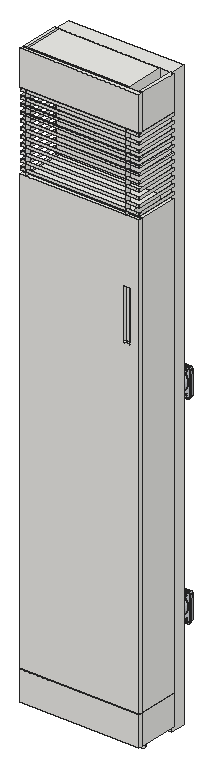
Revit family "57_CRD_ME_Ventura_V1C-C", category Mechanical Equipment, Revit 2020 (continued)
Definition of nested family "57_CRD_AT_aansluiting_muurrooster_flex"
  Definition of nested family "Square Grille"
    Parameters (values of type "Square Grille")
      GTIN = ""
      Function Code [instance] = ""
      Family Version = "10.04"  # constant formula
      ETIM Article Class = "EC001297"
      EMCS Version = "2.0"  # constant formula
      Description = "Aluminium set up grid"
      Depth = 14 mm
      Default Elevation = 1219.2 mm
      Custom = no
      Copyright = "© Stabiplan International BV"  # constant formula
      Content Supplier URL = "www.mepcontent.eu"
      CB-NL Class = ""
      Assembly Code = ""
      Article Type = "127x127"
      Article Description = "Aluminium set up grid"
    Reference planes
      plane 1 "Center (Front/Back)": y = 0
      plane 2: z = 0
      plane 3 "Center (Left/Right)": x = 0
    Forms (mm)
      Revolve 1, solid, material <- "materiaal", detail levels fine
        sketch origin (0, 0, 0) x (0, 1, 0) y (0, 0, 1)
          loop
            arc (39.018, 42.11) -> (39.963, 43.055) -> (39.018, 44) r 0.945
            line (39.018, 44) -> (38.22, 44)
            arc (38.22, 44) -> (37.144, 44.34) -> (36.461, 45.238) r 1.868
            line (36.461, 45.238) -> (36.176, 46.035)
            arc (36.176, 46.035) -> (35.58, 46.509) -> (34.985, 46.035) r 0.611
            line (34.985, 46.035) -> (34.985, 44.473)
            arc (34.985, 44.473) -> (34.391, 43.99) -> (33.796, 44.473) r 0.607
            line (33.796, 44.473) -> (33.796, 46.019)
            arc (33.796, 46.019) -> (33.188, 46.501) -> (32.58, 46.019) r 0.625
            line (32.58, 46.019) -> (32.287, 45.206)
            arc (32.287, 45.206) -> (31.587, 44.307) -> (30.491, 43.995) r 1.834
            line (30.491, 43.995) -> (29.298, 43.995)
            arc (29.298, 43.995) -> (28.157, 44.349) -> (27.417, 45.286) r 2.015
            line (27.417, 45.286) -> (27.157, 46.035)
            arc (27.157, 46.035) -> (26.562, 46.509) -> (25.966, 46.035) r 0.611
            line (25.966, 46.035) -> (25.966, 44.473)
            arc (25.966, 44.473) -> (25.372, 43.99) -> (24.777, 44.473) r 0.607
            line (24.777, 44.473) -> (24.777, 46.019)
            arc (24.777, 46.019) -> (24.169, 46.501) -> (23.561, 46.019) r 0.625
            line (23.561, 46.019) -> (23.268, 45.206)
            arc (23.268, 45.206) -> (22.536, 44.329) -> (21.442, 44) r 1.985
            line (21.442, 44) -> (20.411, 44)
            arc (20.411, 44) -> (19.937, 44.038) -> (19.476, 44.149) r 3.01
            line (19.476, 44.149) -> (1.763, 49.941)
            arc (1.763, 49.941) -> (0.593, 50.723) -> (0, 52) r 2.607
            line (0, 52) -> (0, 48.544) -> (17.33, 42.775)
            arc (17.33, 42.775) -> (19.355, 42.277) -> (21.434, 42.11) r 12.994
            line (21.434, 42.11) -> (39.018, 42.11)
          axis (39.018, 0) -> (0, 0)
        angle from 0 to 360
      Sweep 2, solid, material <- "materiaal", detail levels fine
        path origin (0, 0, 0) x (1, 0, 0) y (0, 0, 1)
          loop
            arc (-53.079, -51.114) -> (-52.503, -52.503) -> (-51.114, -53.079) r 1.965
            line (-51.114, -53.079) -> (51.075, -53.079)
            arc (51.075, -53.079) -> (52.492, -52.492) -> (53.079, -51.075) r 2.004
            line (53.079, -51.075) -> (53.079, 51.126)
            arc (53.079, 51.126) -> (52.507, 52.507) -> (51.126, 53.079) r 1.953
            line (51.126, 53.079) -> (-51.079, 53.079)
            arc (-51.079, 53.079) -> (-52.493, 52.493) -> (-53.079, 51.079) r 2
            line (-53.079, 51.079) -> (-53.079, -51.114)
        profile origin (-53.079, 0, -0.018) x (-1, 0, 0) y (0, -1, 0)
          loop
            line (9.386, 0) -> (10.421, 0) -> (7.067, 12.518)
            arc (7.067, 12.518) -> (6.353, 13.587) -> (5.135, 14) r 2
            line (5.135, 14) -> (3.864, 14)
            arc (3.864, 14) -> (2.455, 13.438) -> (1.82, 12.06) r 2.048
            line (1.82, 12.06) -> (1.498, 5.921)
            arc (1.498, 5.921) -> (1.033, 4.912) -> (0, 4.5) r 1.5
            line (0, 4.5) -> (0, 3.5)
            arc (0, 3.5) -> (1.721, 4.187) -> (2.497, 5.869) r 2.5
            line (2.497, 5.869) -> (2.821, 12.065)
            arc (2.821, 12.065) -> (3.095, 12.726) -> (3.757, 13) r 0.935
            line (3.757, 13) -> (5.135, 13)
            arc (5.135, 13) -> (5.744, 12.793) -> (6.101, 12.259) r 1
            line (6.101, 12.259) -> (9.386, 0)
      Extrusion 3, solid, material <- "materiaal", detail levels fine
        sketch origin (0, 0, 0) x (0, 1, 0) y (0, 0, 1)
          loop
            line (-4.5, 53.079) -> (-4.5, 50.079)
            arc (-4.5, 50.079) -> (-4.657, 49.541) -> (-5.077, 49.172) r 1
            line (-5.077, 49.172) -> (-9.609, 47.059)
            arc (-9.609, 47.059) -> (-11.811, 45.657) -> (-13.574, 43.732) r 10
            line (-13.574, 43.732) -> (-12.755, 43.158)
            arc (-12.755, 43.158) -> (-11.168, 44.891) -> (-9.186, 46.153) r 9
            line (-9.186, 46.153) -> (-4.655, 48.266)
            arc (-4.655, 48.266) -> (-3.858, 48.933) -> (-3.5, 49.908) r 2.015
            line (-3.5, 49.908) -> (-3.5, 53.079) -> (-4.5, 53.079)
          loop
            line (-4.5, 38.479) -> (-4.5, 35.479)
            arc (-4.5, 35.479) -> (-4.657, 34.941) -> (-5.077, 34.572) r 1
            line (-5.077, 34.572) -> (-9.609, 32.459)
            arc (-9.609, 32.459) -> (-11.811, 31.057) -> (-13.574, 29.132) r 10
            line (-13.574, 29.132) -> (-12.755, 28.558)
            arc (-12.755, 28.558) -> (-11.168, 30.291) -> (-9.186, 31.553) r 9
            line (-9.186, 31.553) -> (-4.655, 33.666)
            arc (-4.655, 33.666) -> (-3.858, 34.333) -> (-3.5, 35.308) r 2.015
            line (-3.5, 35.308) -> (-3.5, 38.479) -> (-4.5, 38.479)
          loop
            line (-4.5, 23.879) -> (-4.5, 20.879)
            arc (-4.5, 20.879) -> (-4.657, 20.341) -> (-5.077, 19.972) r 1
            line (-5.077, 19.972) -> (-9.609, 17.859)
            arc (-9.609, 17.859) -> (-11.811, 16.457) -> (-13.574, 14.532) r 10
            line (-13.574, 14.532) -> (-12.755, 13.958)
            arc (-12.755, 13.958) -> (-11.168, 15.691) -> (-9.186, 16.953) r 9
            line (-9.186, 16.953) -> (-4.655, 19.066)
            arc (-4.655, 19.066) -> (-3.858, 19.733) -> (-3.5, 20.708) r 2.015
            line (-3.5, 20.708) -> (-3.5, 23.879) -> (-4.5, 23.879)
          loop
            line (-4.5, 9.279) -> (-4.5, 6.279)
            arc (-4.5, 6.279) -> (-4.657, 5.741) -> (-5.077, 5.372) r 1
            line (-5.077, 5.372) -> (-9.609, 3.259)
            arc (-9.609, 3.259) -> (-11.811, 1.857) -> (-13.574, -0.068) r 10
            line (-13.574, -0.068) -> (-12.755, -0.642)
            arc (-12.755, -0.642) -> (-11.168, 1.091) -> (-9.186, 2.353) r 9
            line (-9.186, 2.353) -> (-4.655, 4.466)
            arc (-4.655, 4.466) -> (-3.858, 5.133) -> (-3.5, 6.108) r 2.015
            line (-3.5, 6.108) -> (-3.5, 9.279) -> (-4.5, 9.279)
          loop
            line (-4.5, -5.321) -> (-4.5, -8.321)
            arc (-4.5, -8.321) -> (-4.657, -8.859) -> (-5.077, -9.228) r 1
            line (-5.077, -9.228) -> (-9.609, -11.341)
            arc (-9.609, -11.341) -> (-11.811, -12.743) -> (-13.574, -14.668) r 10
            line (-13.574, -14.668) -> (-12.755, -15.242)
            arc (-12.755, -15.242) -> (-11.168, -13.509) -> (-9.186, -12.247) r 9
            line (-9.186, -12.247) -> (-4.655, -10.134)
            arc (-4.655, -10.134) -> (-3.858, -9.467) -> (-3.5, -8.492) r 2.015
            line (-3.5, -8.492) -> (-3.5, -5.321) -> (-4.5, -5.321)
          loop
            line (-4.5, -19.921) -> (-4.5, -22.921)
            arc (-4.5, -22.921) -> (-4.657, -23.459) -> (-5.077, -23.828) r 1
            line (-5.077, -23.828) -> (-9.609, -25.941)
            arc (-9.609, -25.941) -> (-11.811, -27.343) -> (-13.574, -29.268) r 10
            line (-13.574, -29.268) -> (-12.755, -29.842)
            arc (-12.755, -29.842) -> (-11.168, -28.109) -> (-9.186, -26.847) r 9
            line (-9.186, -26.847) -> (-4.655, -24.734)
            arc (-4.655, -24.734) -> (-3.858, -24.067) -> (-3.5, -23.092) r 2.015
            line (-3.5, -23.092) -> (-3.5, -19.921) -> (-4.5, -19.921)
          loop
            line (-4.5, -34.521) -> (-4.5, -37.521)
            arc (-4.5, -37.521) -> (-4.657, -38.059) -> (-5.077, -38.428) r 1
            line (-5.077, -38.428) -> (-9.609, -40.541)
            arc (-9.609, -40.541) -> (-11.811, -41.943) -> (-13.574, -43.868) r 10
            line (-13.574, -43.868) -> (-12.755, -44.442)
            arc (-12.755, -44.442) -> (-11.168, -42.709) -> (-9.186, -41.447) r 9
            line (-9.186, -41.447) -> (-4.655, -39.334)
            arc (-4.655, -39.334) -> (-3.858, -38.667) -> (-3.5, -37.692) r 2.015
            line (-3.5, -37.692) -> (-3.5, -34.521) -> (-4.5, -34.521)
          loop
            line (-3.5, -53.079) -> (-3.5, -49.579) -> (-4.5, -49.579) -> (-4.5, -53.079) -> (-3.5, -53.079)
        from -53.079 to 53.079
      Extrusion 4, solid, material <- "materiaal", detail levels fine
        sketch origin (0, 0, 0) x (1, 0, 0) y (0, 0, 1)
          loop
            arc (-51.286, 58.331) -> (-56.267, 56.267) -> (-58.331, 51.286) r 7.045
            line (-58.331, 51.286) -> (-58.331, -51.302)
            arc (-58.331, -51.302) -> (-56.272, -56.272) -> (-51.302, -58.331) r 7.028
            line (-51.302, -58.331) -> (51.286, -58.331)
            arc (51.286, -58.331) -> (56.267, -56.267) -> (58.331, -51.286) r 7.044
            line (58.331, -51.286) -> (58.331, 51.292)
            arc (58.331, 51.292) -> (56.269, 56.269) -> (51.292, 58.331) r 7.039
            line (51.292, 58.331) -> (-51.286, 58.331)
          loop
            circle (0, 0) r 45
        from 0 to 1
      Extrusion 5, solid, material <- "materiaal", detail levels fine
        sketch origin (0, 0, 0) x (1, 0, 0) y (0, 0, 1)
          loop
            line (51.292, 58.331) -> (-51.286, 58.331)
            arc (-51.286, 58.331) -> (-56.267, 56.267) -> (-58.331, 51.286) r 7.045
            line (-58.331, 51.286) -> (-58.331, -51.302)
            arc (-58.331, -51.302) -> (-56.272, -56.272) -> (-51.302, -58.331) r 7.028
            line (-51.302, -58.331) -> (51.286, -58.331)
            arc (51.286, -58.331) -> (56.267, -56.267) -> (58.331, -51.286) r 7.044
            line (58.331, -51.286) -> (58.331, 51.292)
            arc (58.331, 51.292) -> (56.269, 56.269) -> (51.292, 58.331) r 7.039
          loop
            line (-56.331, 51.286) -> (-56.331, -51.302)
            arc (-56.331, -51.302) -> (-54.858, -54.858) -> (-51.302, -56.331) r 5.028
            line (-51.302, -56.331) -> (51.286, -56.331)
            arc (51.286, -56.331) -> (54.853, -54.853) -> (56.331, -51.286) r 5.044
            line (56.331, -51.286) -> (56.331, 51.292)
            arc (56.331, 51.292) -> (54.855, 54.855) -> (51.292, 56.331) r 5.039
            line (51.292, 56.331) -> (-51.286, 56.331)
            arc (-51.286, 56.331) -> (-54.853, 54.853) -> (-56.331, 51.286) r 5.045
        from 0 to 10
      Extrusion 6, void
        sketch origin (0, 0, 0) x (1, 0, 0) y (0, 0, 1)
          loop
            arc (-50.552, 47.697) -> (-50.552, 44.182) -> (-47.037, 44.182) r 2.486
            line (-47.037, 44.182) -> (-44.201, 47.018)
            arc (-44.201, 47.018) -> (-44.201, 50.534) -> (-47.716, 50.534) r 2.486
            line (-47.716, 50.534) -> (-50.552, 47.697)
          loop
            line (50.552, 47.697) -> (47.716, 50.534)
            arc (47.716, 50.534) -> (44.201, 50.534) -> (44.201, 47.018) r 2.486
            line (44.201, 47.018) -> (47.037, 44.182)
            arc (47.037, 44.182) -> (50.552, 44.182) -> (50.552, 47.697) r 2.486
          loop
            line (-50.552, -47.697) -> (-47.716, -50.534)
            arc (-47.716, -50.534) -> (-44.201, -50.534) -> (-44.201, -47.018) r 2.486
            line (-44.201, -47.018) -> (-47.037, -44.182)
            arc (-47.037, -44.182) -> (-50.552, -44.182) -> (-50.552, -47.697) r 2.486
          loop
            arc (50.552, -47.697) -> (50.552, -44.182) -> (47.037, -44.182) r 2.486
            line (47.037, -44.182) -> (44.201, -47.018)
            arc (44.201, -47.018) -> (44.201, -50.534) -> (47.716, -50.534) r 2.486
            line (47.716, -50.534) -> (50.552, -47.697)
        from 0 to 3.5
      Extrusion 7, solid, detail levels coarse+medium
        sketch origin (0, 0, 0) x (1, 0, 0) y (0, 0, 1)
          loop
            circle (0, 0) r 46.5
        from -40 to 0
      Extrusion 8, solid, detail levels coarse+medium
        sketch origin (0, 0, 0) x (1, 0, 0) y (0, 0, 1)
          loop
            line (-63.5, 63.5) -> (-63.5, -63.5) -> (63.5, -63.5) -> (63.5, 63.5) -> (-63.5, 63.5)
        from 0 to 14
    Cuts and joins
      Extrusion 6 cuts Revolve 1
      Extrusion 6 cuts Extrusion 4
      Extrusion 6 cuts Extrusion 5
      joined: Revolve 1, Extrusion 4, Extrusion 5
      Extrusion 6 cuts Extrusion 3
    Dimensions and locks
      plane 1 "Center (Front/Back)" to Extrusion 7 = 40 mm
      Extrusion 8 sketch curve to plane 3 "Center (Left/Right)" to Extrusion 8 sketch curve = 63.5 mm, 63.5 mm
      Extrusion 8 sketch curve to plane 2 to Extrusion 8 sketch curve = 63.5 mm, 63.5 mm
      Extrusion 8 to plane 1 "Center (Front/Back)" = 14 mm
      diameter of Extrusion 7 sketch curve = 93 mm
      aligned and locked: level to plane 2
      aligned and locked: Sweep 2 sketch curve to plane 1 "Center (Front/Back)"
      aligned and locked: Sweep 2 sketch curve to profile plane
      aligned and locked: Extrusion 4 to plane 1 "Center (Front/Back)"
      aligned and locked: plane 1 "Center (Front/Back)" to Extrusion 7
      aligned and locked: Extrusion 8 to plane 1 "Center (Front/Back)"
Definition of nested family "Square Grille"
  Parameters (values of type "Square Grille")
    Width = 127 mm
    Wholesaler Art. No. = ""
    Wholesaler = ""
    materiaal [instance] = none
    Watermarked By = "www.stabiplan.com"
    URL = "www.stabiplan.com"
    Type Comments = "﻿﻿  ​                        ﻿﻿       ​      ﻿      ﻿                  ﻿                         ﻿​  ​ ﻿      ​   ﻿﻿"
    Stabu Code = ""
    Revit Version = "2014"  # constant formula
    Product Line = "ClimaRad"
    Model = "127x127"
    Manufacturer URL = "www.climarad.com"
    Manufacturer Art. No. = "3511203"
    Manufacturer = "ClimaRad"
    MEPcontent Class = "GRILLE"  # constant formula
    Keynote = "﻿﻿  ​                        ﻿﻿       ​      ﻿      ﻿                  ﻿                         ﻿​  ​ ﻿      ​   ﻿﻿"
    Internal Art. No. = ""
    IFCExportType = "GRILLE"  # constant formula
    IFCExportAs = "IfcAirTerminalType"  # constant formula
    Height = 127 mm
    GTIN = ""
    Function Code [instance] = ""
    Family Version = "10.04"  # constant formula
    ETIM Article Class = "EC001297"
    EMCS Version = "2.0"  # constant formula
    Description = "Aluminium set up grid"
    Depth = 14 mm
    Default Elevation = 1219.2 mm
    Custom = no
    Copyright = "© Stabiplan International BV"  # constant formula
    Content Supplier URL = "www.mepcontent.eu"
    CB-NL Class = ""
    Assembly Code = ""
    Article Type = "127x127"
    Article Description = "Aluminium set up grid"
  Reference planes
    plane 1 "Center (Front/Back)": y = 0
    plane 2: z = 0
    plane 3 "Center (Left/Right)": x = 0
  Forms (mm)
    Revolve 1, solid, material <- "materiaal", detail levels fine
      sketch origin (0, 0, 0) x (0, 1, 0) y (0, 0, 1)
        loop
          arc (39.018, 42.11) -> (39.963, 43.055) -> (39.018, 44) r 0.945
          line (39.018, 44) -> (38.22, 44)
          arc (38.22, 44) -> (37.144, 44.34) -> (36.461, 45.238) r 1.868
          line (36.461, 45.238) -> (36.176, 46.035)
          arc (36.176, 46.035) -> (35.58, 46.509) -> (34.985, 46.035) r 0.611
          line (34.985, 46.035) -> (34.985, 44.473)
          arc (34.985, 44.473) -> (34.391, 43.99) -> (33.796, 44.473) r 0.607
          line (33.796, 44.473) -> (33.796, 46.019)
          arc (33.796, 46.019) -> (33.188, 46.501) -> (32.58, 46.019) r 0.625
          line (32.58, 46.019) -> (32.287, 45.206)
          arc (32.287, 45.206) -> (31.587, 44.307) -> (30.491, 43.995) r 1.834
          line (30.491, 43.995) -> (29.298, 43.995)
          arc (29.298, 43.995) -> (28.157, 44.349) -> (27.417, 45.286) r 2.015
          line (27.417, 45.286) -> (27.157, 46.035)
          arc (27.157, 46.035) -> (26.562, 46.509) -> (25.966, 46.035) r 0.611
          line (25.966, 46.035) -> (25.966, 44.473)
          arc (25.966, 44.473) -> (25.372, 43.99) -> (24.777, 44.473) r 0.607
          line (24.777, 44.473) -> (24.777, 46.019)
          arc (24.777, 46.019) -> (24.169, 46.501) -> (23.561, 46.019) r 0.625
          line (23.561, 46.019) -> (23.268, 45.206)
          arc (23.268, 45.206) -> (22.536, 44.329) -> (21.442, 44) r 1.985
          line (21.442, 44) -> (20.411, 44)
          arc (20.411, 44) -> (19.937, 44.038) -> (19.476, 44.149) r 3.01
          line (19.476, 44.149) -> (1.763, 49.941)
          arc (1.763, 49.941) -> (0.593, 50.723) -> (0, 52) r 2.607
          line (0, 52) -> (0, 48.544) -> (17.33, 42.775)
          arc (17.33, 42.775) -> (19.355, 42.277) -> (21.434, 42.11) r 12.994
          line (21.434, 42.11) -> (39.018, 42.11)
        axis (39.018, 0) -> (0, 0)
      angle from 0 to 360
    Sweep 2, solid, material <- "materiaal", detail levels fine
      path origin (0, 0, 0) x (1, 0, 0) y (0, 0, 1)
        loop
          arc (-53.079, -51.114) -> (-52.503, -52.503) -> (-51.114, -53.079) r 1.965
          line (-51.114, -53.079) -> (51.075, -53.079)
          arc (51.075, -53.079) -> (52.492, -52.492) -> (53.079, -51.075) r 2.004
          line (53.079, -51.075) -> (53.079, 51.126)
          arc (53.079, 51.126) -> (52.507, 52.507) -> (51.126, 53.079) r 1.953
          line (51.126, 53.079) -> (-51.079, 53.079)
          arc (-51.079, 53.079) -> (-52.493, 52.493) -> (-53.079, 51.079) r 2
          line (-53.079, 51.079) -> (-53.079, -51.114)
      profile origin (-53.079, 0, -0.018) x (-1, 0, 0) y (0, -1, 0)
        loop
          line (9.386, 0) -> (10.421, 0) -> (7.067, 12.518)
          arc (7.067, 12.518) -> (6.353, 13.587) -> (5.135, 14) r 2
          line (5.135, 14) -> (3.864, 14)
          arc (3.864, 14) -> (2.455, 13.438) -> (1.82, 12.06) r 2.048
          line (1.82, 12.06) -> (1.498, 5.921)
          arc (1.498, 5.921) -> (1.033, 4.912) -> (0, 4.5) r 1.5
          line (0, 4.5) -> (0, 3.5)
          arc (0, 3.5) -> (1.721, 4.187) -> (2.497, 5.869) r 2.5
          line (2.497, 5.869) -> (2.821, 12.065)
          arc (2.821, 12.065) -> (3.095, 12.726) -> (3.757, 13) r 0.935
          line (3.757, 13) -> (5.135, 13)
          arc (5.135, 13) -> (5.744, 12.793) -> (6.101, 12.259) r 1
          line (6.101, 12.259) -> (9.386, 0)
    Extrusion 3, solid, material <- "materiaal", detail levels fine
      sketch origin (0, 0, 0) x (0, 1, 0) y (0, 0, 1)
        loop
          line (-4.5, 53.079) -> (-4.5, 50.079)
          arc (-4.5, 50.079) -> (-4.657, 49.541) -> (-5.077, 49.172) r 1
          line (-5.077, 49.172) -> (-9.609, 47.059)
          arc (-9.609, 47.059) -> (-11.811, 45.657) -> (-13.574, 43.732) r 10
          line (-13.574, 43.732) -> (-12.755, 43.158)
          arc (-12.755, 43.158) -> (-11.168, 44.891) -> (-9.186, 46.153) r 9
          line (-9.186, 46.153) -> (-4.655, 48.266)
          arc (-4.655, 48.266) -> (-3.858, 48.933) -> (-3.5, 49.908) r 2.015
          line (-3.5, 49.908) -> (-3.5, 53.079) -> (-4.5, 53.079)
        loop
          line (-4.5, 38.479) -> (-4.5, 35.479)
          arc (-4.5, 35.479) -> (-4.657, 34.941) -> (-5.077, 34.572) r 1
          line (-5.077, 34.572) -> (-9.609, 32.459)
          arc (-9.609, 32.459) -> (-11.811, 31.057) -> (-13.574, 29.132) r 10
          line (-13.574, 29.132) -> (-12.755, 28.558)
          arc (-12.755, 28.558) -> (-11.168, 30.291) -> (-9.186, 31.553) r 9
          line (-9.186, 31.553) -> (-4.655, 33.666)
          arc (-4.655, 33.666) -> (-3.858, 34.333) -> (-3.5, 35.308) r 2.015
          line (-3.5, 35.308) -> (-3.5, 38.479) -> (-4.5, 38.479)
        loop
          line (-4.5, 23.879) -> (-4.5, 20.879)
          arc (-4.5, 20.879) -> (-4.657, 20.341) -> (-5.077, 19.972) r 1
          line (-5.077, 19.972) -> (-9.609, 17.859)
          arc (-9.609, 17.859) -> (-11.811, 16.457) -> (-13.574, 14.532) r 10
          line (-13.574, 14.532) -> (-12.755, 13.958)
          arc (-12.755, 13.958) -> (-11.168, 15.691) -> (-9.186, 16.953) r 9
          line (-9.186, 16.953) -> (-4.655, 19.066)
          arc (-4.655, 19.066) -> (-3.858, 19.733) -> (-3.5, 20.708) r 2.015
          line (-3.5, 20.708) -> (-3.5, 23.879) -> (-4.5, 23.879)
        loop
          line (-4.5, 9.279) -> (-4.5, 6.279)
          arc (-4.5, 6.279) -> (-4.657, 5.741) -> (-5.077, 5.372) r 1
          line (-5.077, 5.372) -> (-9.609, 3.259)
          arc (-9.609, 3.259) -> (-11.811, 1.857) -> (-13.574, -0.068) r 10
          line (-13.574, -0.068) -> (-12.755, -0.642)
          arc (-12.755, -0.642) -> (-11.168, 1.091) -> (-9.186, 2.353) r 9
          line (-9.186, 2.353) -> (-4.655, 4.466)
          arc (-4.655, 4.466) -> (-3.858, 5.133) -> (-3.5, 6.108) r 2.015
          line (-3.5, 6.108) -> (-3.5, 9.279) -> (-4.5, 9.279)
        loop
          line (-4.5, -5.321) -> (-4.5, -8.321)
          arc (-4.5, -8.321) -> (-4.657, -8.859) -> (-5.077, -9.228) r 1
          line (-5.077, -9.228) -> (-9.609, -11.341)
          arc (-9.609, -11.341) -> (-11.811, -12.743) -> (-13.574, -14.668) r 10
          line (-13.574, -14.668) -> (-12.755, -15.242)
          arc (-12.755, -15.242) -> (-11.168, -13.509) -> (-9.186, -12.247) r 9
          line (-9.186, -12.247) -> (-4.655, -10.134)
          arc (-4.655, -10.134) -> (-3.858, -9.467) -> (-3.5, -8.492) r 2.015
          line (-3.5, -8.492) -> (-3.5, -5.321) -> (-4.5, -5.321)
        loop
          line (-4.5, -19.921) -> (-4.5, -22.921)
          arc (-4.5, -22.921) -> (-4.657, -23.459) -> (-5.077, -23.828) r 1
          line (-5.077, -23.828) -> (-9.609, -25.941)
          arc (-9.609, -25.941) -> (-11.811, -27.343) -> (-13.574, -29.268) r 10
          line (-13.574, -29.268) -> (-12.755, -29.842)
          arc (-12.755, -29.842) -> (-11.168, -28.109) -> (-9.186, -26.847) r 9
          line (-9.186, -26.847) -> (-4.655, -24.734)
          arc (-4.655, -24.734) -> (-3.858, -24.067) -> (-3.5, -23.092) r 2.015
          line (-3.5, -23.092) -> (-3.5, -19.921) -> (-4.5, -19.921)
        loop
          line (-4.5, -34.521) -> (-4.5, -37.521)
          arc (-4.5, -37.521) -> (-4.657, -38.059) -> (-5.077, -38.428) r 1
          line (-5.077, -38.428) -> (-9.609, -40.541)
          arc (-9.609, -40.541) -> (-11.811, -41.943) -> (-13.574, -43.868) r 10
          line (-13.574, -43.868) -> (-12.755, -44.442)
          arc (-12.755, -44.442) -> (-11.168, -42.709) -> (-9.186, -41.447) r 9
          line (-9.186, -41.447) -> (-4.655, -39.334)
          arc (-4.655, -39.334) -> (-3.858, -38.667) -> (-3.5, -37.692) r 2.015
          line (-3.5, -37.692) -> (-3.5, -34.521) -> (-4.5, -34.521)
        loop
          line (-3.5, -53.079) -> (-3.5, -49.579) -> (-4.5, -49.579) -> (-4.5, -53.079) -> (-3.5, -53.079)
      from -53.079 to 53.079
    Extrusion 4, solid, material <- "materiaal", detail levels fine
      sketch origin (0, 0, 0) x (1, 0, 0) y (0, 0, 1)
        loop
          arc (-51.286, 58.331) -> (-56.267, 56.267) -> (-58.331, 51.286) r 7.045
          line (-58.331, 51.286) -> (-58.331, -51.302)
          arc (-58.331, -51.302) -> (-56.272, -56.272) -> (-51.302, -58.331) r 7.028
          line (-51.302, -58.331) -> (51.286, -58.331)
          arc (51.286, -58.331) -> (56.267, -56.267) -> (58.331, -51.286) r 7.044
          line (58.331, -51.286) -> (58.331, 51.292)
          arc (58.331, 51.292) -> (56.269, 56.269) -> (51.292, 58.331) r 7.039
          line (51.292, 58.331) -> (-51.286, 58.331)
        loop
          circle (0, 0) r 45
      from 0 to 1
    Extrusion 5, solid, material <- "materiaal", detail levels fine
      sketch origin (0, 0, 0) x (1, 0, 0) y (0, 0, 1)
        loop
          line (51.292, 58.331) -> (-51.286, 58.331)
          arc (-51.286, 58.331) -> (-56.267, 56.267) -> (-58.331, 51.286) r 7.045
          line (-58.331, 51.286) -> (-58.331, -51.302)
          arc (-58.331, -51.302) -> (-56.272, -56.272) -> (-51.302, -58.331) r 7.028
          line (-51.302, -58.331) -> (51.286, -58.331)
          arc (51.286, -58.331) -> (56.267, -56.267) -> (58.331, -51.286) r 7.044
          line (58.331, -51.286) -> (58.331, 51.292)
          arc (58.331, 51.292) -> (56.269, 56.269) -> (51.292, 58.331) r 7.039
        loop
          line (-56.331, 51.286) -> (-56.331, -51.302)
          arc (-56.331, -51.302) -> (-54.858, -54.858) -> (-51.302, -56.331) r 5.028
          line (-51.302, -56.331) -> (51.286, -56.331)
          arc (51.286, -56.331) -> (54.853, -54.853) -> (56.331, -51.286) r 5.044
          line (56.331, -51.286) -> (56.331, 51.292)
          arc (56.331, 51.292) -> (54.855, 54.855) -> (51.292, 56.331) r 5.039
          line (51.292, 56.331) -> (-51.286, 56.331)
          arc (-51.286, 56.331) -> (-54.853, 54.853) -> (-56.331, 51.286) r 5.045
      from 0 to 10
    Extrusion 6, void
      sketch origin (0, 0, 0) x (1, 0, 0) y (0, 0, 1)
        loop
          arc (-50.552, 47.697) -> (-50.552, 44.182) -> (-47.037, 44.182) r 2.486
          line (-47.037, 44.182) -> (-44.201, 47.018)
          arc (-44.201, 47.018) -> (-44.201, 50.534) -> (-47.716, 50.534) r 2.486
          line (-47.716, 50.534) -> (-50.552, 47.697)
        loop
          line (50.552, 47.697) -> (47.716, 50.534)
          arc (47.716, 50.534) -> (44.201, 50.534) -> (44.201, 47.018) r 2.486
          line (44.201, 47.018) -> (47.037, 44.182)
          arc (47.037, 44.182) -> (50.552, 44.182) -> (50.552, 47.697) r 2.486
        loop
          line (-50.552, -47.697) -> (-47.716, -50.534)
          arc (-47.716, -50.534) -> (-44.201, -50.534) -> (-44.201, -47.018) r 2.486
          line (-44.201, -47.018) -> (-47.037, -44.182)
          arc (-47.037, -44.182) -> (-50.552, -44.182) -> (-50.552, -47.697) r 2.486
        loop
          arc (50.552, -47.697) -> (50.552, -44.182) -> (47.037, -44.182) r 2.486
          line (47.037, -44.182) -> (44.201, -47.018)
          arc (44.201, -47.018) -> (44.201, -50.534) -> (47.716, -50.534) r 2.486
          line (47.716, -50.534) -> (50.552, -47.697)
      from 0 to 3.5
    Extrusion 7, solid, detail levels coarse+medium
      sketch origin (0, 0, 0) x (1, 0, 0) y (0, 0, 1)
        loop
          circle (0, 0) r 46.5
      from -40 to 0
    Extrusion 8, solid, detail levels coarse+medium
      sketch origin (0, 0, 0) x (1, 0, 0) y (0, 0, 1)
        loop
          line (-63.5, 63.5) -> (-63.5, -63.5) -> (63.5, -63.5) -> (63.5, 63.5) -> (-63.5, 63.5)
      from 0 to 14
  Cuts and joins
    Extrusion 6 cuts Revolve 1
    Extrusion 6 cuts Extrusion 4
    Extrusion 6 cuts Extrusion 5
    joined: Revolve 1, Extrusion 4, Extrusion 5
    Extrusion 6 cuts Extrusion 3
  Dimensions and locks
    plane 1 "Center (Front/Back)" to Extrusion 7 = 40 mm
    Extrusion 8 sketch curve to plane 3 "Center (Left/Right)" to Extrusion 8 sketch curve = 63.5 mm, 63.5 mm
    Extrusion 8 sketch curve to plane 2 to Extrusion 8 sketch curve = 63.5 mm, 63.5 mm
    Extrusion 8 to plane 1 "Center (Front/Back)" = 14 mm
    diameter of Extrusion 7 sketch curve = 93 mm
    aligned and locked: level to plane 2
    aligned and locked: Sweep 2 sketch curve to plane 1 "Center (Front/Back)"
    aligned and locked: Sweep 2 sketch curve to profile plane
    aligned and locked: Extrusion 4 to plane 1 "Center (Front/Back)"
    aligned and locked: plane 1 "Center (Front/Back)" to Extrusion 7
    aligned and locked: Extrusion 8 to plane 1 "Center (Front/Back)"
